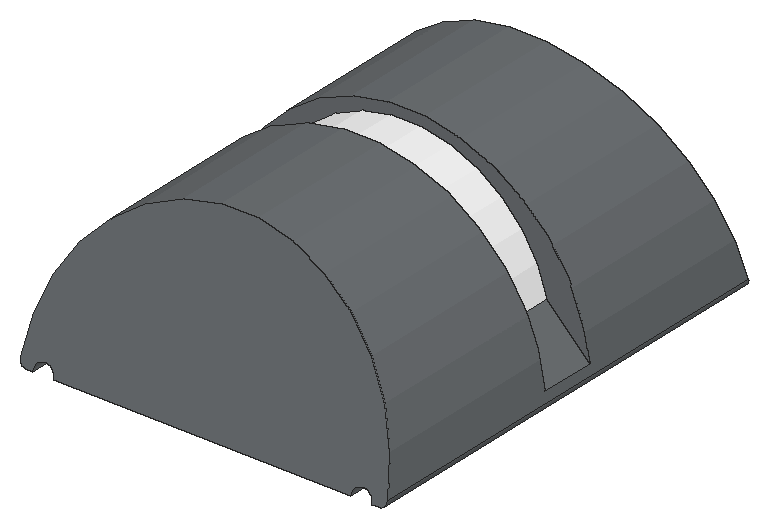
Revit family "Thorn AXYL ETCH S", category Lighting Fixtures, host Face, Revit 2023
Family settings
  Host = Face
  Round Connector Dimension = Use Diameter
  Part Type = Normal
  Cut with Voids When Loaded = Yes
  Light Source = Yes
  Maintain Annotation Orientation = No
  Shared = No
  Room Calculation Point = Yes
Parameters (values of type "AXYL ETCH S WF 1L RGBW EB DMX ANT")
  Wattage = 6.44444 W
  built-in parameter 1150110 = 1 (stored number, unit not read)
  URL = "https://www.thornlighting.com/96801485"
  Type Image = TLG_AXYL_F_ETCH_F_S_RGBW_ANT.jpg
  Type IFC Predefined Type = "DIRECTIONSOURCE"
  built-in parameter 1114217 = 1 (stored number, unit not read)
  Tilt Angle = 90.00°
  built-in parameter 1150109 = 1 (stored number, unit not read)
  built-in parameter 1150134 = (empty or 0)
  built-in parameter 1150113 = 1 (stored number, unit not read)
  Power Factor = 0.6
  Photometric Web File = "96801485_(STD).IES"
  Model = "96801485"
  Material Housing = Thorn-Aluminium-RAL 7016-Anthracite Grey
  Manufacturer = "Thorn Lighting"  # constant formula
  built-in parameter 1150105 = 4.6155 (stored number, unit not read)
  Lumens = 58 lm
  Luminaire Width = 105 mm  # constant formula
  Luminaire Length = 55 mm  # constant formula
  Luminaire Height = 130 mm  # constant formula
  built-in parameter 1150115 = 1 (stored number, unit not read)
  built-in parameter 1150137 = (empty or 0)
  built-in parameter 1150139 = (empty or 0)
  built-in parameter 1150112 = 1 (stored number, unit not read)
  built-in parameter 1150114 = 1 (stored number, unit not read)
  Lamp = "LED"  # constant formula
  built-in parameter 1150132 = 2
  built-in parameter 1150102 = (empty or 0)
  built-in parameter 1150107 = 3000 (stored number, unit not read)
  built-in parameter 1150138 = (empty or 0)
  built-in parameter 1150106 = 0.046155 (stored number, unit not read)
  Export Type to IFC As = "IfcLightFixtureType"
  built-in parameter 1150104 = 0.83613 (stored number, unit not read)
  Dimming Lamp Color Temperature Shift = <None>
  Description = "Wall Mounted Luminaire"  # constant formula
  Default Elevation = 1000 mm  # constant formula
  Color Filter = 16777215
  built-in parameter 1114218 = 1 (stored number, unit not read)
  built-in parameter 1150133 = 10 (stored number, unit not read)
  Assembly Code = "Pr_70_70_48_93"
  Apparent Load = Wattage / Power Factor  # 10.7407 VA
Types (4, lengths in mm): name | URL | Type Image | Photometric Web File | Model | Material Housing
  AXYL ETCH S WF 1L RGBW EB DMX ANT | "https://www.thornlighting.com/96801485" | TLG_AXYL_F_ETCH_F_S_RGBW_ANT.jpg | "96801485_(STD).IES" | "96801485" | Thorn-Aluminium-RAL 7016-Anthracite Grey
  AXYL ETCH S WF 1L RGBW EB DMX BK | "https://www.thornlighting.com/96801483" | TLG_AXYL_F_ETCH_F_S_RGBW_BK.jpg | "96801483_(STD).IES" | "96801483" | Thorn-Aluminium-RAL 9005-Jet Black
  AXYL ETCH S WF 1L RGBW EB DMX GY | "https://www.thornlighting.com/96801484" | TLG_AXYL_F_ETCH_F_S_RGBW_GY.jpg | "96801484_(STD).IES" | "96801484" | Thorn-Aluminium-RAL 9006-White Aluminium
  AXYL ETCH S WF 1L RGBW EB DMX WH | "https://www.thornlighting.com/96801482" | TLG_AXYL_F_ETCH_F_S_RGBW_WH.jpg | "96801482_(STD).IES" | "96801482" | Thorn-Aluminium-RAL 9016-Traffic White
Reference planes
  plane 1 "Center (Front/Back)": y = 0
  plane 2: z = 0
  plane 3 "Center (Left/Right)": x = 0
  plane 4: x = -52.5
  plane 5: x = 52.5
  plane 6: y = 65
  plane 7: z = 53
  plane 8: z = 55
  plane 9: y = -65
Lines and regions (mm)
  Filled region 1, type "White"
    outline origin (0, -65, 0) x (1, 0, 0) y (0, 1, 0)
      loop
        line (-52.5, 130) -> (-52.5, 0) -> (52.5, 0) -> (52.5, 130) -> (-52.5, 130)
  symbolic lines
    curve 1: line (-52.5, 8, 0) -> (52.5, 8, 0)
    curve 2: line (52.5, 8, 0) -> (52.5, -8, 0)
    curve 3: line (52.5, -8, 0) -> (-52.5, -8, 0)
    curve 4: line (40, 8, 0) -> (40, -8, 0)
    curve 5: line (-40, 8, 0) -> (-40, -8, 0)
    curve 6: spline (-52.5, 65, 0) -> (-50.711, 61.48, 0) -> (-45.466, 58.2, 0) -> (-37.123, 55.383, 0) -> (-26.25, 53.222, 0) -> (-13.588, 51.863, 0) -> (0, 51.4, 0) -> (13.588, 51.863, 0) -> (26.25, 53.222, 0) -> (37.123, 55.383, 0) -> (45.466, 58.2, 0) -> (50.711, 61.48, 0) -> (52.5, 65, 0)
    curve 7: spline (-52.5, -65, 0) -> (-50.711, -61.48, 0) -> (-45.466, -58.2, 0) -> (-37.123, -55.383, 0) -> (-26.25, -53.222, 0) -> (-13.588, -51.863, 0) -> (0, -51.4, 0) -> (13.588, -51.863, 0) -> (26.25, -53.222, 0) -> (37.123, -55.383, 0) -> (45.466, -58.2, 0) -> (50.711, -61.48, 0) -> (52.5, -65, 0)
  model lines, style "InvisibleLines"
    curve 8: line (0, 0, 0) -> (0, 0, 500)
    curve 9: line (0, 0, 500) -> (34.202, 0, 406.031)
    curve 10: line (0, 0, 500) -> (-34.202, 0, 406.031)
    curve 11: line (-250, 0, 0) -> (250, 0, 0)
Dimensions and locks
  equal spacing: plane 4, plane 3 "Center (Left/Right)", plane 5
  "Luminaire Width": plane 4 to plane 5
  locked: plane 7 to level at 53
  "Luminaire Length": plane 8 to level
  equal spacing: plane 9, plane 1 "Center (Front/Back)", plane 6
  "Luminaire Height": plane 9 to plane 6
  aligned and locked: plane 2 to host face
  aligned and locked: level to host face
  aligned and locked: plane 7 to imposter light
  aligned and locked: plane 5 to Filled region 1 sketch curve
  aligned and locked: plane 4 to Filled region 1 sketch curve
  aligned and locked: imposter light to plane 1 "Center (Front/Back)"
Automatic sketch dimensions
  host sketch curve to host sketch curve = 2438.4 mm  (x2)
  plane 1 "Center (Front/Back)" to curve 7 = 65 mm
  curve 7 to plane 4 = 0 mm
  curve 6 to plane 4 = 0 mm
  curve 3 to plane 4 = 0 mm
  curve 1 to plane 4 = 0 mm
  curve 6 to plane 3 "Center (Left/Right)" = 0 mm
  curve 7 to plane 3 "Center (Left/Right)" = 0 mm
  curve 2 to plane 5 = 0 mm
  curve 6 to plane 6 = 0 mm
  curve 7 to curve 3 = 57 mm
  curve 2 to curve 1 = 16 mm
  curve 3 to curve 5 = 12.5 mm
  curve 4 to curve 1 = 12.5 mm
  curve 11 to level = 0 mm
  curve 9 to plane 3 "Center (Left/Right)" = 0 mm
  plane 8 to curve 10 = 445 mm
  plane 4 to curve 10 = 18.298 mm
  curve 11 to plane 4 = 197.5 mm
  plane 5 to curve 9 = 18.298 mm
  curve 11 to plane 5 = 197.5 mm
  curve 10 to curve 10 = 93.969 mm
  curve 9 to curve 10 = 0 mm
  plane 1 "Center (Front/Back)" to Filled region 1 sketch curve = 65 mm
  Filled region 1 sketch curve to plane 1 "Center (Front/Back)" = 65 mm
Nested families
  nested 1: "Thorn-Parts-AXYL ETCH-Housing S" at (0, 0, 0), Material Housing <- "Material Housing", type "00"
    with Material Housing Thorn-Aluminium-RAL 7016-Anthracite Grey
Connectors
  electrical at (0, 0, 0), driven by "Apparent Load", driven by "Power Factor"
    settings: index 1, voltage 230 V, apparent load 10.7407 VA, apparent load phase1 0 VA, apparent load phase2 0 VA, apparent load phase3 0 VA, power factor 0.6, load classification "Lighting", number of poles 1, system type 30, power factor state 1, is connector primary yes, connector utility no, sub classification motor no, connector description ""
Definition of nested family "Thorn-Parts-AXYL ETCH-Housing S"
  Parameters (values of type "00")
    Material Housing [instance] = none
    Manufacturer = "Thorn Lighting"  # constant formula
    Default Elevation = 0 mm  # constant formula
    D = 16 mm  # constant formula
    C = 130 mm  # constant formula
    B = 105 mm  # constant formula
    A = 55 mm  # constant formula
  Reference planes
    plane 1 "Center (Front/Back)": y = 0
    plane 2: z = 0
    plane 3 "Center (Left/Right)": x = 0
    plane 4: y = 65
    plane 5: y = -65
    plane 6: x = -52.5
    plane 7: x = 52.5
    plane 8: y = 8
    plane 9: y = -8
    plane 10: z = 55
    plane 11: z = 20
  Forms (mm)
    Extrusion 1, solid
      sketch origin (0, 0, 0) x (1, 0, 0) y (0, 1, 0)
        loop
          line (-42.5, 57) -> (-42.5, -57) -> (42.5, -57) -> (42.5, 57) -> (-42.5, 57)
      from 0 to 2.5
    Extrusion 2, solid, material <- "Material Housing"
      sketch origin (0, 0, 0) x (1, 0, 0) y (0, 0, 1)
        loop
          arc (50.46, 2.5) -> (51.902, 3.114) -> (52.459, 4.579) r 2
          arc (52.459, 4.579) -> (0, 55) -> (-52.459, 4.579) r 52.5
          arc (-52.459, 4.579) -> (-51.902, 3.114) -> (-50.46, 2.5) r 2
          line (-50.46, 2.5) -> (50.46, 2.5)
      from -65 to 65
    Extrusion 3, void
      sketch origin (0, 0, 0) x (0, 1, 0) y (0, 0, 1)
        loop
          line (65.647, 0) -> (70.64, 0) -> (70.64, 60) -> (50.129, 60) -> (65.647, 0)
        loop
          line (-65.647, 0) -> (-50.129, 60) -> (-70.64, 60) -> (-70.64, 0) -> (-65.647, 0)
      from 60 to -60
    Extrusion 4, void
      sketch origin (0, 0, 0) x (1, 0, 0) y (0, 0, 1)
        loop
          line (-52.5, 7.5) -> (-40, 20) -> (0, 20) -> (40, 20) -> (52.5, 7.5)
          arc (52.5, 7.5) -> (0, 60) -> (-52.5, 7.5) r 52.5
      from -8 to 8
    Extrusion 5, solid
      sketch origin (0, -17, 12.5) x (-1, 0, 0) y (0, 0, 1)
        loop
          line (0, 7.5) -> (40, 7.5)
          arc (40, 7.5) -> (0, 39.5) -> (-40, 7.5) r 41
          line (-40, 7.5) -> (0, 7.5)
      from 9 to 25
    Extrusion 6, void
      sketch origin (0, 0, 0) x (1, 0, 0) y (0, 0, 1)
        loop
          line (-48.5, 2.496) -> (-48.5, 0) -> (-42.5, 0) -> (-42.5, 2.496)
          arc (-42.5, 2.496) -> (-45.5, 5.496) -> (-48.5, 2.496) r 3
        loop
          arc (48.5, 2.496) -> (45.5, 5.496) -> (42.5, 2.496) r 3
          line (42.5, 2.496) -> (42.5, 0) -> (48.5, 0) -> (48.5, 2.496)
      from 0 to 69.96
  Cuts and joins
    Extrusion 3, Extrusion 4, Extrusion 6 cuts Extrusion 2
  Dimensions and locks
    equal spacing: plane 5, plane 1 "Center (Front/Back)", plane 4
    "C": plane 5 to plane 4
    equal spacing: plane 6, plane 3 "Center (Left/Right)", plane 7
    "B": plane 6 to plane 7
    equal spacing: plane 9, plane 1 "Center (Front/Back)", plane 8
    "D": plane 9 to plane 8
    "A": plane 10 to level
    plane 11 to level = 20 mm
    aligned and locked: level to plane 2
    aligned and locked: plane 4 to Extrusion 2
    aligned and locked: plane 5 to Extrusion 2
  Automatic sketch dimensions
    plane 6 to Extrusion 1 sketch curve = 10 mm
    plane 7 to Extrusion 1 sketch curve = 10 mm
    Extrusion 1 sketch curve to plane 5 = 8 mm
    Extrusion 1 sketch curve to plane 4 = 8 mm
    Extrusion 2 sketch curve to plane 3 "Center (Left/Right)" = 0 mm
    plane 6 to Extrusion 2 sketch curve = 2.04 mm
    plane 7 to Extrusion 2 sketch curve = 2.04 mm
    level to Extrusion 2 sketch curve = 2.5 mm  (x2)
    Extrusion 2 sketch curve to Extrusion 2 sketch curve = 2 mm  (x2)
    Extrusion 2 sketch curve to Extrusion 2 sketch curve = 0 mm
    Extrusion 3 sketch curve to level = 0 mm  (x2)
    plane 5 to Extrusion 3 sketch curve = 5.64 mm
    plane 5 to Extrusion 3 sketch curve = 0.647 mm
    plane 10 to Extrusion 3 sketch curve = 5 mm  (x2)
    Extrusion 3 sketch curve to plane 5 = 14.871 mm
    Extrusion 3 sketch curve to plane 4 = 14.871 mm
    plane 4 to Extrusion 3 sketch curve = 0.647 mm
    plane 4 to Extrusion 3 sketch curve = 5.64 mm
    Extrusion 4 sketch curve to plane 6 = 0 mm
    Extrusion 4 sketch curve to plane 3 "Center (Left/Right)" = 0 mm  (x2)
    plane 6 to Extrusion 4 sketch curve = 12.5 mm
    plane 7 to Extrusion 4 sketch curve = 12.5 mm
    level to Extrusion 4 sketch curve = 7.5 mm
    Extrusion 4 sketch curve to Extrusion 4 sketch curve = 12.5 mm
    Extrusion 5 sketch curve to plane 11 = 0 mm
    Extrusion 5 sketch curve to plane 3 "Center (Left/Right)" = 0 mm  (x2)
    Extrusion 5 sketch curve to Extrusion 5 sketch curve = 9 mm
    plane 7 to Extrusion 5 sketch curve = 12.5 mm
    Extrusion 6 sketch curve to level = 0 mm  (x2)
    plane 6 to Extrusion 6 sketch curve = 4 mm
    Extrusion 6 sketch curve to Extrusion 6 sketch curve = 3 mm  (x2)
    plane 7 to Extrusion 6 sketch curve = 10 mm
    level to Extrusion 6 sketch curve = 2.496 mm  (x2)
